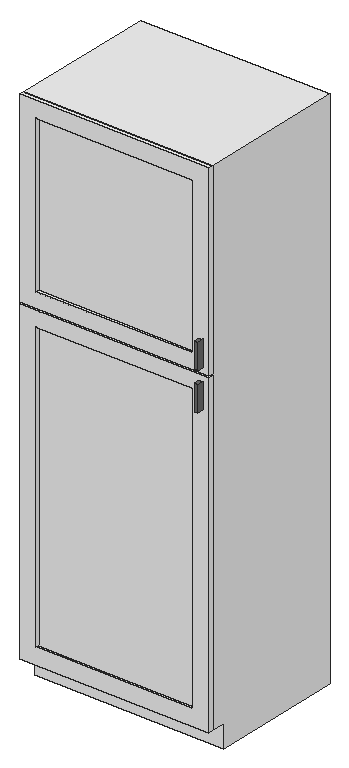
Revit family "e0bd58381f5d4560aff08c5b52cd7fe3", category Casework, Revit 2021
Family settings
  OmniClass Number = 23.40.35.17.47.11
  OmniClass Title = Kitchen Casework
  Seek Item ID = Tall Cabinet-Single Door(2)-0000-USA-ENU
  Work Plane-Based = No
  Always vertical = Yes
  Cut with Voids When Loaded = No
  Shared = No
  Room Calculation Point = No
Parameters (values of type "30"")
  Default Elevation = 0' - 0"
  Assembly Code = "C1030410"
  Cabinet Material = none
  Depth = 2' - 0"
  Door/Drawer Material = none
  Handle Material = Cabinets - Handles
  Height = 7' - 0"
  Panel Material = none
  Toe Depth = 0' - 3"
  Toe Height = 0' - 3 1/2"
  Width = 2' - 6"
Types (6): name | Width
  (no name) | 2' - 6"
  30" | 2' - 6"
  36" | 3' - 0"
  24" | 2' - 0"
  15" | 1' - 3"
  18" | 1' - 6"
Reference planes (in)
  plane 1 "Back": y = 0
  plane 2: z = 0.0625
  plane 3 "Center": x = 0.7377
  plane 4 "Left": x = -14.2623
  plane 5 "Right": x = 15.7377
  plane 6 "Front": y = -24
  plane 7 "Top": z = 84
  plane 8: y = -21
  plane 9: z = 3.5625
  plane 10: z = 28.91015
  plane 11: z = 54.2578
  plane 12: z = 69.1289
Forms (in)
  Extrusion 1, solid, material "Cabinets"
    sketch origin (0, -24, 0) x (1, 0, 0) y (0, 0, 1)
      loop
        line (-14.2623, 3.5625) -> (15.7377, 3.5625) -> (15.7377, 84) -> (-14.2623, 84) -> (-14.2623, 3.5625)
      loop
        line (-13.5123, 83.25) -> (-13.5123, 4.3125) -> (14.9877, 4.3125) -> (14.9877, 83.25) -> (-13.5123, 83.25)
    from -0.75 to -24
  Extrusion 2, solid, material "Cabinets"
    sketch origin (0, 0, 0) x (1, 0, 0) y (0, 0, 1)
      loop
        line (-13.5123, 83.25) -> (-13.5123, 4.3125) -> (14.9877, 4.3125) -> (14.9877, 83.25) -> (-13.5123, 83.25)
    from 0 to 0.75
  Extrusion 3, solid, material <- "Door/Drawer Material"
    sketch origin (0, -24, 0) x (1, 0, 0) y (0, 0, 1)
      loop
        line (-14.2623, 84) -> (-14.2623, 54.3828) -> (15.7377, 54.3828) -> (15.7377, 84) -> (-14.2623, 84)
      loop
        line (-14.2623, 3.5625) -> (15.7377, 3.5625) -> (15.7377, 54.1328) -> (-14.2623, 54.1328) -> (-14.2623, 3.5625)
      loop
        line (-11.7623, 81.5) -> (-11.7623, 56.7578) -> (13.2377, 56.7578) -> (13.2377, 81.5) -> (-11.7623, 81.5)
      loop
        line (-11.7623, 51.7578) -> (-11.7623, 6.0625) -> (13.2377, 6.0625) -> (13.2377, 51.7578) -> (-11.7623, 51.7578)
    from 0 to -0.75
  Extrusion 4, solid, material "Cabinets"
    sketch origin (0, 0, 0) x (1, 0, 0) y (0, 1, 0)
      loop
        line (-14.2623, 0) -> (-14.2623, -21) -> (15.7377, -21) -> (15.7377, 0) -> (-14.2623, 0)
    from 0 to 3.5625
  Extrusion 5, solid, material <- "Panel Material"
    sketch origin (0, -24, 0) x (1, 0, 0) y (0, 0, 1)
      loop
        line (-11.7623, 81.5) -> (-11.7623, 56.7578) -> (13.2377, 56.7578) -> (13.2377, 81.5) -> (-11.7623, 81.5)
      loop
        line (-11.7623, 51.7578) -> (-11.7623, 6.0625) -> (13.2377, 6.0625) -> (13.2377, 51.7578) -> (-11.7623, 51.7578)
    from -0.5 to -0.75
  Extrusion 6, solid, material "Cabinets - Handles" <- "Handle Material"
    sketch origin (0, -24, 0) x (1, 0, 0) y (0, 0, 1)
      loop
        line (14.24431, 59.2578) -> (14.24431, 55.2578) -> (14.7377, 55.2578) -> (14.7377, 59.2578) -> (14.24431, 59.2578)
      loop
        line (14.24431, 53.2578) -> (14.24431, 49.2578) -> (14.7377, 49.2578) -> (14.7377, 53.2578) -> (14.24431, 53.2578)
    from 0 to 1
Cuts and joins
  joined: Extrusion 1, Extrusion 2, Extrusion 4
Lines and regions (in)
  Masking region 1
    outline origin (0, 0, 0) x (1, 0, 0) y (0, 1, 0)
      loop
        line (-14.2623, 0) -> (-14.2623, -24) -> (15.7377, -24) -> (15.7377, 0) -> (-14.2623, 0)
  model lines
    curve 1: line (13.2377, -24, 6.0625) -> (-11.7623, -24, 6.0625)
    curve 2: line (13.2377, -24, 51.7578) -> (13.2377, -24, 6.0625)
    curve 3: line (-11.7623, -24, 51.7578) -> (13.2377, -24, 51.7578)
    curve 4: line (-11.7623, -24, 6.0625) -> (-11.7623, -24, 51.7578)
    curve 5: line (-11.7623, -24, 81.5) -> (13.2377, -24, 81.5)
    curve 6: line (-11.7623, -24, 56.7578) -> (-11.7623, -24, 81.5)
    curve 7: line (13.2377, -24, 56.7578) -> (-11.7623, -24, 56.7578)
    curve 8: line (13.2377, -24, 81.5) -> (13.2377, -24, 56.7578)
    curve 9: line (-14.2623, -24, 54.2578) -> (15.7377, -24, 54.2578)
    curve 10: line (14.24431, -24, 55.2578) -> (14.7377, -24, 55.2578)
    curve 11: line (14.24431, -24, 59.2578) -> (14.24431, -24, 55.2578)
    curve 12: line (14.7377, -24, 59.2578) -> (14.24431, -24, 59.2578)
    curve 13: line (14.7377, -24, 55.2578) -> (14.7377, -24, 59.2578)
    curve 14: line (14.24431, -24, 53.2578) -> (14.7377, -24, 53.2578)
    curve 15: line (14.24431, -24, 49.2578) -> (14.24431, -24, 53.2578)
    curve 16: line (14.7377, -24, 49.2578) -> (14.24431, -24, 49.2578)
    curve 17: line (14.7377, -24, 53.2578) -> (14.7377, -24, 49.2578)
  symbolic lines, style "Elevation Swing"
    curve 18: line (15.7377, 0, 84) -> (-14.2623, 0, 69.1914)
    curve 19: line (-14.2623, 0, 69.1914) -> (15.7377, 0, 54.1328)
    curve 20: line (15.7377, 0, 54.1328) -> (-14.2623, 0, 28.84765)
    curve 21: line (-14.2623, 0, 28.84765) -> (15.7377, 0, 3.5625)
Dimensions and locks (in)
  "Depth": plane 6 "Front" to plane 1 "Back"
  "Width": plane 4 "Left" to plane 5 "Right"
  equal spacing: plane 4 "Left", plane 3 "Center", plane 5 "Right"
  "Height": level to plane 7 "Top"
  "Toe Height": plane 2 to plane 9
  "Toe Depth": plane 6 "Front" to plane 8
  locked: plane 7 "Top" to plane 11 at 29.7422
  equal spacing: plane 11, plane 10, plane 9
  locked: curve 1 to plane 9 at 2.5
  equal spacing: plane 7 "Top", plane 12, plane 11
  aligned and locked: Extrusion 1 to plane 1 "Back"
  aligned and locked: Extrusion 1 to Extrusion 3
  aligned and locked: plane 9 to Extrusion 4
  aligned and locked: plane 1 "Back" to Masking region 1 sketch curve
  aligned and locked: Masking region 1 sketch curve to plane 4 "Left"
  aligned and locked: plane 5 "Right" to Masking region 1 sketch curve
  aligned and locked: Masking region 1 sketch curve to plane 6 "Front"
Automatic sketch dimensions
  Extrusion 1 sketch curve to plane 4 "Left" = 0' - 0"
  Extrusion 1 sketch curve to plane 5 "Right" = 0' - 0"
  Extrusion 1 sketch curve to plane 9 = 0' - 0"
  Extrusion 1 sketch curve to plane 7 "Top" = 0' - 0"
  Extrusion 1 sketch curve to plane 4 "Left" = 0' - 0 3/4"
  plane 5 "Right" to Extrusion 1 sketch curve = 0' - 0 3/4"
  Extrusion 1 sketch curve to Extrusion 1 sketch curve = 0' - 0 3/4"
  plane 7 "Top" to Extrusion 1 sketch curve = 0' - 0 3/4"
  Extrusion 2 sketch curve to plane 4 "Left" = 0' - 0 3/4"
  plane 5 "Right" to Extrusion 2 sketch curve = 0' - 0 3/4"
  Extrusion 2 sketch curve to plane 9 = 0' - 0 3/4"
  plane 7 "Top" to Extrusion 2 sketch curve = 0' - 0 3/4"
  Extrusion 4 sketch curve to plane 4 "Left" = 0' - 0"
  Extrusion 4 sketch curve to plane 5 "Right" = 0' - 0"
  Extrusion 4 sketch curve to plane 8 = 0' - 0"
  Extrusion 4 sketch curve to plane 1 "Back" = 0' - 0"
  Extrusion 3 sketch curve to plane 4 "Left" = 0' - 0"  (x2)
  Extrusion 3 sketch curve to plane 5 "Right" = 0' - 0"  (x2)
  Extrusion 3 sketch curve to plane 9 = 0' - 0"
  Extrusion 3 sketch curve to plane 7 "Top" = 0' - 0"
  Extrusion 3 sketch curve to plane 4 "Left" = 0' - 2 1/2"  (x2)
  plane 5 "Right" to Extrusion 3 sketch curve = 0' - 2 1/2"  (x2)
  plane 9 to Extrusion 3 sketch curve = 0' - 2 1/2"
  plane 11 to Extrusion 3 sketch curve = 0' - 2 1/2"
  plane 11 to Extrusion 3 sketch curve = 0' - 0 1/8"
  Extrusion 3 sketch curve to plane 11 = 0' - 0 1/8"
  Extrusion 3 sketch curve to plane 11 = 0' - 2 1/2"
  plane 7 "Top" to Extrusion 3 sketch curve = 0' - 2 1/2"
  Extrusion 5 sketch curve to plane 4 "Left" = 0' - 2 1/2"  (x2)
  plane 5 "Right" to Extrusion 5 sketch curve = 0' - 2 1/2"  (x2)
  plane 9 to Extrusion 5 sketch curve = 0' - 2 1/2"
  plane 11 to Extrusion 5 sketch curve = 0' - 2 1/2"
  Extrusion 5 sketch curve to plane 11 = 0' - 2 1/2"
  plane 7 "Top" to Extrusion 5 sketch curve = 0' - 2 1/2"
  plane 5 "Right" to Extrusion 6 sketch curve = 0' - 1.49339"  (x2)
  Extrusion 6 sketch curve to Extrusion 6 sketch curve = 0' - 0.49339"  (x2)
  plane 11 to Extrusion 6 sketch curve = 0' - 5"
  plane 11 to Extrusion 6 sketch curve = 0' - 1"
  Extrusion 6 sketch curve to plane 11 = 0' - 1"
  Extrusion 6 sketch curve to Extrusion 6 sketch curve = 0' - 4"
  curve 21 to plane 5 "Right" = 0' - 0"
  curve 20 to plane 5 "Right" = 0' - 0"
  curve 18 to plane 5 "Right" = 0' - 0"
  curve 9 to plane 5 "Right" = 0' - 0"
  curve 9 to plane 4 "Left" = 0' - 0"
  curve 20 to plane 4 "Left" = 0' - 0"
  curve 18 to plane 4 "Left" = 0' - 0"
  curve 18 to plane 7 "Top" = 0' - 0"
  curve 9 to plane 11 = 0' - 0"
  curve 21 to plane 9 = 0' - 0"
  plane 5 "Right" to curve 17 = 0' - 1"
  plane 5 "Right" to curve 13 = 0' - 1"
  curve 10 to curve 11 = 0' - 0.49339"
  curve 16 to curve 15 = 0' - 0.49339"
  plane 5 "Right" to curve 1 = 0' - 2 1/2"
  curve 10 to curve 7 = 0' - 1.00661"
  curve 7 to plane 4 "Left" = 0' - 2 1/2"
  curve 4 to plane 4 "Left" = 0' - 2 1/2"
  plane 7 "Top" to curve 6 = 0' - 2 1/2"
  curve 18 to plane 12 = 0' - 0 1/16"
  curve 12 to plane 11 = 0' - 5"
  curve 7 to plane 11 = 0' - 2 1/2"
  curve 11 to plane 11 = 0' - 1"
  curve 9 to curve 19 = 0' - 0 1/8"
  plane 11 to curve 15 = 0' - 1"
  plane 11 to curve 3 = 0' - 2 1/2"
  curve 2 to curve 15 = 0' - 2 1/2"
  plane 10 to curve 20 = 0' - 0 1/16"
